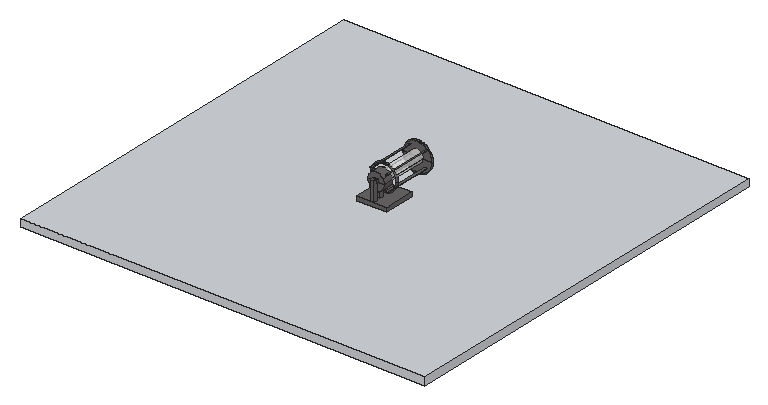
Revit family "P560274-031", category Lighting Fixtures, host Face, Revit 2014
Parameters (values of type "P560274-031")
  Watts = 100 W
  Wattage Comments = "100W"
  Wattage = 100 W
  Warranty = "1 year Warranty"  # constant formula
  built-in parameter 1150110 = 1 (stored number, unit not read)
  Voltage = 120 V
  URL = "https://www.hubbell.com/progresslighting/en"
  built-in parameter 1114217 = 1 (stored number, unit not read)
  Tilt Angle = 60.00°
  built-in parameter 1150109 = 1 (stored number, unit not read)
  built-in parameter 1150134 = 3
  built-in parameter 1150113 = 1 (stored number, unit not read)
  Support = Paint - Hubbell - Stainless Stell
  Steel = Paint - Hubbell - Stainless Stell
  Product Link = "https://www.hubbell.com/progresslighting/en/Products/Lighting-Controls/Residential-Outdoor-Lighting/Wall-Lanterns/Exton-Collection-One-Light-Textured-Black-and-Etched-Seeded-Glass-Modern-Style-Large-Outdoor-Wall-Lantern/p/6643552"
  Product Documentation Link = "https://hubbellcdn.com/specsheet/PROG_P560274-031_spec.pdf"
  Power Factor = 1
  Photometric Web File = "generic"
  built-in parameter 1150142 = (empty or 0)
  Model = "P560274-031"  # constant formula
  Manufacturer = "Progress Lighting"  # constant formula
  built-in parameter 1150105 = 795.77 (stored number, unit not read)
  Lumens = 10000 lm
  built-in parameter 1150115 = 1 (stored number, unit not read)
  Load Classification = Lighting
  built-in parameter 1150137 = (empty or 0)
  built-in parameter 1150139 = (empty or 0)
  built-in parameter 1150112 = 1 (stored number, unit not read)
  built-in parameter 1150114 = 1 (stored number, unit not read)
  built-in parameter 1150132 = (empty or 0)
  built-in parameter 1150102 = (empty or 0)
  built-in parameter 1150107 = 3200 (stored number, unit not read)
  built-in parameter 1150138 = (empty or 0)
  built-in parameter 1150106 = 7.9577 (stored number, unit not read)
  Gold = Hubbell - Gold
  Glass = Paint - Hubbell - White Texture
  Lamp = "LED/CFL/incandescent"  # constant formula
  Housing Material = Paint - Hubbell - Textured Camera Black
  Fixture distribution = "Direct"  # constant formula
  Features = "Application: Architectural influences blend harmoniously in the Exton Collection 1-Light Textured Black Etched Glass Modern Large Wall Lantern Light ideal for any covered porch, patio, deck, and foyer.\r\nStyles: Perfect for modern and contemporary style settings.\r\nFinish: The clean lines and geometric forms interact in the textured black frame culminating in an iconic peaked roof.\r\nMaterials: Constructed from steel to ensure a long product lifespan.\r\nGlass/Shades: A light source glows from within an etched glass shade that accentuates the lantern's contemporary aesthetic.\r\nBulbs: For ideal illumination, use 1 medium base bulb that is sold separately (100w max - LED/CFL/incandescent)\r\ncompatible with dimmable bulbs.\r\nDimensions: Measures 11-1/8-inch diameter by 15-1/2-inch height.\r\nCertifications: cCSAus wet location listed.\r\nPairs With: Pairs with a variety of Progress Lighting fixtures.\r\nWarranty: Our 1-Year Limited Warranty guarantees your complete satisfaction with your purchase and includes professional after-sales customer service support."  # constant formula
  built-in parameter 1150104 = 9.2903 (stored number, unit not read)
  Dimming Lamp Color Temperature Shift = <None>
  Description = "Exton Collection One-Light Textured Black and Etched Seeded Glass Modern Style Large Outdoor Wall Lantern"  # constant formula
  Default Elevation = 48.00"
  Copyright = " ©2021 Progress Lighting, a division of Hubbell Lighting, Inc"  # constant formula
  Contact = "https://www.hubbell.com/progresslighting/en/contactUs"
  Connector Description = "Lighting Connector"  # constant formula
  Color Filter = 16777215
  built-in parameter 1114218 = 1 (stored number, unit not read)
  built-in parameter 1150133 = 10 (stored number, unit not read)
  Assembly Code = "D5020200"
  Apparent Load = Watts / Power Factor  # 100 VA
Reference planes (in)
  plane 1 "Center (Front/Back)": y = 0
  plane 2: z = 0.5561
  plane 3 "Center (Left/Right)": x = 0
  plane 4: y = -3.75
  plane 5: y = 3.75
  plane 6: x = 3.5
  plane 7: x = -3.5
  plane 8: z = 10.50759
  plane 9: z = 6.0561
Forms (in)
  Extrusion 1, solid
    sketch origin (0, 0, 0) x (1, 0, 0) y (0, 1, 0)
      loop
        line (-48, 48) -> (-48, -48) -> (48, -48) -> (48, 48) -> (-48, 48)
    from 0.5561 to -1.25
  Extrusion 2, solid, material "Paint - Hubbell - Textured Camera Black" <- "Housing Material"
    sketch origin (0, 0, 0) x (1, 0, 0) y (0, 1, 0)
      loop
        line (-3.5, 3.75) -> (-3.5, -3.75) -> (3.5, -3.75) -> (3.5, 3.75) -> (-3.5, 3.75)
    from 1.54473 to 0.5561
  Revolve 3, solid, material "Paint - Hubbell - Textured Camera Black" <- "Housing Material"
    sketch origin (0, 0.875, 5.25) x (1, 0, 0) y (0, 1, 0)
      loop
        line (0, -3.25) -> (2, -3.25) -> (2, -1.04526) -> (0, -1.04526) -> (0, -3.25)
      axis (0, -1.04526) -> (0, -3.25)
    angle from 0 to 360
  Revolve 4, solid, material "Paint - Hubbell - White Texture" <- "Glass"
    sketch origin (0, 0.875, 5.25) x (1, 0, 0) y (0, 1, 0)
      loop
        line (0, -1.04526) -> (1.5, -1.04526) -> (1.5, 8.95474) -> (0, 8.95474) -> (0, -1.04526)
      axis (0, -1.04526) -> (0, 8.95474)
    angle from 0 to 360
  Extrusion 5, solid, material "Paint - Hubbell - Textured Camera Black" <- "Housing Material"
    sketch origin (0, 0, 1.25) x (1, 0, 0) y (0, 1, 0)
      loop
        line (-0.36188, -2.81828) -> (-0.36188, -3.45552) -> (0.38812, -3.45552) -> (0.38812, -2.81828) -> (-0.36188, -2.81828)
    from 0.29473 to 4.75
  Sweep 6, solid, material "Paint - Hubbell - Textured Camera Black" <- "Housing Material"
    path origin (2.81872, 0, 2.41785) x (0.707107, 0, 0.707107) y (0, 1, 0)
      loop
        line (1.99909, -1.4855) -> (2.74909, -1.4855) -> (2.74909, 9.84024)
    profile origin (4.49745, -1.4855, 4.09659) x (0, 1, 0) y (-0.707107, 0, 0.707107)
      loop
        line (0.17986, 3.70278) -> (0.17986, 4.0625) -> (-0.17986, 4.0625) -> (-0.17986, 3.70278) -> (0.17986, 3.70278)
  Revolve 7, solid, material "Paint - Hubbell - Textured Camera Black" <- "Housing Material"
    sketch origin (0.0625, -0.1875, 5.125) x (1, 0, 0) y (0, 1, 0)
      loop
        line (0, 10.01724) -> (3.40573, 10.01724)
        arc (3.40573, 10.01724) -> (3.50372, 10.09731) -> (3.4448, 10.20929) r 0.1
        line (3.4448, 10.20929) -> (0, 11.67152) -> (0, 10.01724)
      axis (0, 11.67152) -> (0, 10.01724)
    angle from 0 to 360
  Sweep 8, solid, material "Paint - Hubbell - Textured Camera Black" <- "Housing Material"
    path origin (2.81872, 0, 2.48035) x (-0.707107, 0, -0.707107) y (0, -1, 0)
      loop
        line (1.99909, 1.4855) -> (2.74909, 1.4855) -> (2.74909, -9.84024)
    profile origin (1.13998, -1.4855, 0.80161) x (0, -1, 0) y (-0.707107, 0, 0.707107)
      loop
        line (-0.17986, 3.70278) -> (0.17986, 3.70278) -> (0.17986, 4.0625) -> (-0.17986, 4.0625) -> (-0.17986, 3.70278)
  Sweep 9, solid, material "Paint - Hubbell - Textured Camera Black" <- "Housing Material"
    path origin (-2.72394, 0, 2.56338) x (0.707107, 0, -0.707107) y (0, 1, 0)
      loop
        line (1.99909, -1.4855) -> (2.74909, -1.4855) -> (2.74909, 9.84024)
    profile origin (-1.0452, -1.4855, 0.88464) x (0, 1, 0) y (0.707107, 0, 0.707107)
      loop
        line (0.17986, 3.70278) -> (0.17986, 4.0625) -> (-0.17986, 4.0625) -> (-0.17986, 3.70278) -> (0.17986, 3.70278)
  Sweep 10, solid, material "Paint - Hubbell - Textured Camera Black" <- "Housing Material"
    path origin (-2.69805, 0, 2.50624) x (-0.707107, 0, 0.707107) y (0, -1, 0)
      loop
        line (1.99909, 1.4855) -> (2.74909, 1.4855) -> (2.74909, -9.84024)
    profile origin (-4.37679, -1.4855, 4.18498) x (0, -1, 0) y (0.707107, 0, 0.707107)
      loop
        line (-0.17986, 3.70278) -> (0.17986, 3.70278) -> (0.17986, 4.0625) -> (-0.17986, 4.0625) -> (-0.17986, 3.70278)
  Sweep 11, solid, material "Paint - Hubbell - Textured Camera Black" <- "Housing Material"
    path origin (0, 0, 0) x (1, 0, 0) y (0, 0, 1)
      loop
        circle (0, 5.20753) r 2.95
    profile origin (0, 0, 8.15753) x (0, 0, -1) y (0, -1, 0)
      loop
        circle (-0.01562, -0.00015) r 0.17813
  Extrusion 12, solid, material "Paint - Hubbell - Textured Camera Black" <- "Housing Material"
    sketch origin (0, 0, 0) x (0, 1, 0) y (0, 0, 1)
      loop
        line (-2.81828, 6) -> (-2.81828, 5.29778) -> (-2.375, 5.29778) -> (-2.375, 6) -> (-2.81828, 6)
    from -0.36188 to 0.38812
  Extrusion 13, solid, material "Paint - Hubbell - Textured Camera Black" <- "Housing Material"
    sketch origin (0, 1.75, 1.25) x (1, 0, 0) y (0, 1, 0)
      loop
        line (-0.36188, -2.81828) -> (-0.36188, -3.45552) -> (0.38812, -3.45552) -> (0.38812, -2.81828) -> (-0.36188, -2.81828)
    from 0.29473 to 2.13354
Dimensions and locks (in)
  equal spacing: plane 4, plane 1 "Center (Front/Back)", plane 5
  plane 4 to plane 5 = 7.50"
  plane 5 to plane 4 = 7.50"
  plane 6 to plane 7 = 7.00"
  equal spacing: plane 6, plane 3 "Center (Left/Right)", plane 7
  plane 7 to plane 6 = 7.00"
  equal spacing: plane 7, plane 3 "Center (Left/Right)", plane 6
  aligned and locked: plane 2 to Extrusion 1
Automatic sketch dimensions
  Extrusion 1 sketch curve to Extrusion 1 sketch curve = 96.00"  (x2)
  plane 4 to Extrusion 2 sketch curve = 0.00"
  Extrusion 2 sketch curve to plane 7 = 0.00"
  Extrusion 2 sketch curve to plane 6 = 0.00"
  plane 5 to Extrusion 2 sketch curve = 0.00"
  Revolve 3 sketch curve to plane 3 "Center (Left/Right)" = 0.00"  (x2)
  Revolve 3 sketch curve to plane 6 = 1.50"
  Revolve 3 sketch curve to plane 4 = 1.375"
  plane 1 "Center (Front/Back)" to Revolve 3 sketch curve = 0.17026"
  plane 4 to Revolve 3 sketch curve = 55.375"
  Revolve 3 sketch curve to plane 5 = 57.125"
  Revolve 4 sketch curve to plane 3 "Center (Left/Right)" = 0.00"  (x2)
  plane 1 "Center (Front/Back)" to Revolve 4 sketch curve = 0.17026"
  plane 3 "Center (Left/Right)" to Revolve 4 sketch curve = 1.50"
  Revolve 4 sketch curve to plane 5 = 6.07974"
  Revolve 4 sketch curve to Revolve 4 sketch curve = 0.00"
  Revolve 4 sketch curve to Revolve 4 sketch curve = 2.25"
  Extrusion 5 sketch curve to plane 3 "Center (Left/Right)" = 0.36188"
  plane 3 "Center (Left/Right)" to Extrusion 5 sketch curve = 0.38812"
  Extrusion 5 sketch curve to plane 4 = 0.29448"
  Extrusion 5 sketch curve to Extrusion 5 sketch curve = 0.63725"
  plane 3 "Center (Left/Right)" to Revolve 7 sketch curve = 0.0625"  (x2)
  Revolve 7 sketch curve to plane 6 = 0.03177"
  plane 6 to Revolve 7 sketch curve = 0.0073"
  Revolve 7 sketch curve to plane 5 = 6.07974"
  Revolve 7 sketch curve to Revolve 7 sketch curve = 0.10"
  Revolve 7 sketch curve to Revolve 7 sketch curve = 1.65428"
  plane 4 to Revolve 7 sketch curve = 56.4375"
  Revolve 7 sketch curve to Revolve 7 sketch curve = 48.32848"
  Sweep 11 sketch curve to plane 3 "Center (Left/Right)" = 0.00"
  plane 9 to Sweep 11 sketch curve = 0.84857"
  Sweep 11 sketch curve to Sweep 11 sketch curve = 0.00"  (x2)
  Sweep 11 sketch curve to plane 1 "Center (Front/Back)" = 0.00015"
  profile plane to Sweep 11 sketch curve = 0.01562"
  Sweep 11 sketch curve to Sweep 11 sketch curve = 0.17813"
  Extrusion 12 sketch curve to plane 4 = 0.93172"
  Extrusion 12 sketch curve to Extrusion 12 sketch curve = 0.44328"
  plane 9 to Extrusion 12 sketch curve = 0.75832"
  plane 9 to Extrusion 12 sketch curve = 0.0561"
  Extrusion 13 sketch curve to plane 3 "Center (Left/Right)" = 0.36188"
  plane 3 "Center (Left/Right)" to Extrusion 13 sketch curve = 0.38812"
  plane 1 "Center (Front/Back)" to Extrusion 13 sketch curve = 1.70552"
  Extrusion 13 sketch curve to Extrusion 13 sketch curve = 0.63725"
  plane 1 "Center (Front/Back)" to Sweep 6 sketch curve = 1.4855"
  Sweep 6 sketch curve to Sweep 6 sketch curve = 0.75"
  Sweep 6 sketch curve to plane 5 = 6.09024"
  profile plane to Sweep 6 sketch curve = 0.17986"
  Sweep 6 sketch curve to profile plane = 0.17986"
  profile plane to Sweep 6 sketch curve = 3.70278"
  Sweep 6 sketch curve to Sweep 6 sketch curve = 0.35972"
  plane 1 "Center (Front/Back)" to Sweep 8 sketch curve = 1.4855"
  Sweep 8 sketch curve to Sweep 8 sketch curve = 0.75"
  Sweep 8 sketch curve to plane 5 = 6.09024"
  profile plane to Sweep 8 sketch curve = 0.17986"
  Sweep 8 sketch curve to profile plane = 0.17986"
  profile plane to Sweep 8 sketch curve = 3.70278"
  Sweep 8 sketch curve to Sweep 8 sketch curve = 0.35972"
  plane 1 "Center (Front/Back)" to Sweep 9 sketch curve = 1.4855"
  Sweep 9 sketch curve to Sweep 9 sketch curve = 0.75"
  Sweep 9 sketch curve to plane 5 = 6.09024"
  profile plane to Sweep 9 sketch curve = 0.17986"
  Sweep 9 sketch curve to profile plane = 0.17986"
  profile plane to Sweep 9 sketch curve = 3.70278"
  Sweep 9 sketch curve to Sweep 9 sketch curve = 0.35972"
  plane 1 "Center (Front/Back)" to Sweep 10 sketch curve = 1.4855"
  Sweep 10 sketch curve to Sweep 10 sketch curve = 0.75"
  Sweep 10 sketch curve to plane 5 = 6.09024"
  profile plane to Sweep 10 sketch curve = 0.17986"
  Sweep 10 sketch curve to profile plane = 0.17986"
  profile plane to Sweep 10 sketch curve = 3.70278"
  Sweep 10 sketch curve to Sweep 10 sketch curve = 0.35972"
  radius of Sweep 11 sketch curve = 2.95"
Connectors (in)
  electrical at (0, 0, 0.5561), driven by "Connector Description", driven by "Power Factor", driven by "Apparent Load", driven by "Voltage", driven by "Load Classification"
    settings: on Extrusion 2, index 1, voltage 120 V, apparent load 100 VA, apparent load phase1 0 VA, apparent load phase2 0 VA, apparent load phase3 0 VA, power factor 1, load classification "Lighting", number of poles 1, system type 30, power factor state 1, is connector primary yes, connector utility no, sub classification motor no, connector description "Lighting Connector"
